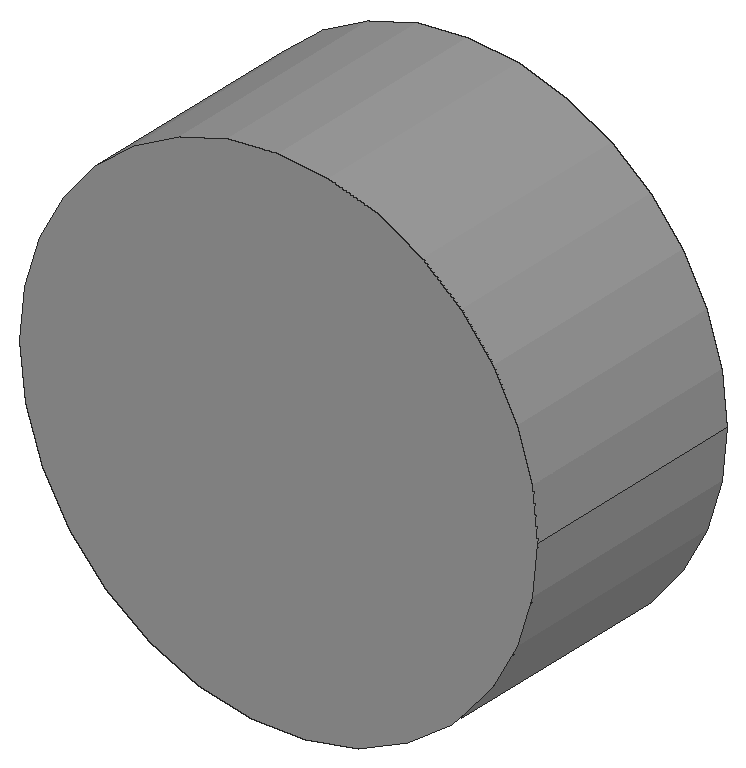
Revit family "Задание_Круглая_Стена_БезОсновы", category Окна, Revit 2019
Family settings
  На основе рабочей плоскости = Нет
  Всегда вертикально = Да
  При загрузке вырезать с полостями = Нет
  Общий = Да
  Точка расчета площади = Нет
Parameters (values of type "Отверстие с гильзой")
  Width = 0 mm  # constant formula
  ТолщинаОсновы [instance] = 100 mm
  Согласованно [instance] = not(Несогласованно)  # no
  Смещение дуги [instance] = Размер_Диаметр / 4  # 54.75 mm
  Размер_Диаметр [instance] = if(Гильза, Диаметр гильзы, Диаметр отверстия)  # 219 mm
  Rough Width = 0 mm  # constant formula
  Rough Height = 0 mm  # constant formula
  Позиция [instance] = "1"
  Отверстие_Толщина стенки [instance] = 12 mm
  Отверстие_Отметка этажа [instance] = 0 mm
  Отверстие_Отметка от этажа [instance] = 0 mm
  Отверстие_Отметка от нуля [instance] = Отверстие_Отметка этажа + Отверстие_Отметка от этажа  # 0 mm
  Отверстие_Дисциплина [instance] = ""
  Отверстие_Дата [instance] = ""
  Отверстие = not(Гильза)  # no
  Несогласованно [instance] = yes
  Материал стены [instance] = ""
  Группа модели = "Задание"  # constant formula
  Видимость_Вниз [instance] = 0 mm
  Видимость_Вверх [instance] = 0 mm
  Коллизии [instance] = ""
  Инструкция [instance] = "https://drive.google.com/open?id=1dWthfLxqsksj-u4klXlJBslAAIWb7P7Y"
  Диаметр отверстия [instance] = 100 mm
  Диаметр гильзы [instance] = 219 mm
  Гильза = yes
  Height = 0 mm  # constant formula
  Аналитическая конструкция = "<Нет>"
  Y [instance] = 0
  X [instance] = 0
Types (2, lengths in mm): name | Согласованно | Смещение дуги | Размер_Диаметр | Отверстие_Толщина стенки | Отверстие | Несогласованно | Диаметр гильзы | Гильза
  Круглое отверстие | yes | 25 | 100 | 4 | yes | no | 100 | no
  Отверстие с гильзой | no | 54.75 | 219 | 12 | no | yes | 219 | yes
Reference planes
  plane 1 "По центру (Вперед/Назад)": y = 0
  plane 2: z = 0
  plane 3 "По центру (Влево/Вправо)": x = 0
  plane 4 "Y верх": y = 100
  plane 5 "Н низ": y = 0
  plane 6: z = 109.5
  plane 7 "Линия ВЕРХ": z = 109.5
  plane 8 "Линия НИЗ": z = -109.5
  plane 9: z = -109.5
  plane 10 "Центр отверстия": through (-6.856, -1524, -6.856) normal (-0.7071, 0, 0.7071)
  plane 11 "Смещение вн. дуги от центра": through (31.858, -1524, -45.57) normal (-0.7071, 0, 0.7071)
  plane 12 "ОП СимЛин ЛВ": x = -109.5
  plane 13 "ОП СимЛин ПР": x = 109.5
  plane 14: x = -10
  plane 15: x = 10
  plane 16: z = -10
  plane 17: z = 10
  plane 18: z = -20
  plane 19: z = 20
  plane 20: x = 20
  plane 21: x = -20
  plane 22: z = -114.5
  plane 23: z = 114.5
  plane 24: x = -114.5
  plane 25: x = 114.5
Forms (mm)
  Extrusion 1, solid, material "По умолчанию"
    sketch origin (0, 0, 0) x (1, 0, 0) y (0, 0, 1)
      loop
        circle (0, 0) r 109.5
    from -100 to 0
Lines and regions (mm)
  symbolic lines
    curve 1: line (109.5, 100, 0) -> (-109.5, 0, 0)
    curve 3: line (-109.5, 100, 0) -> (109.5, 100, 0)
    curve 4: line (-109.5, 0, 0) -> (-109.5, 100, 0)
    curve 5: line (109.5, 0, 0) -> (-109.5, 0, 0)
    curve 6: line (109.5, 100, 0) -> (109.5, 0, 0)
    curve 7: line (0, 100, 109.5) -> (0, 0, 109.5)
    curve 8: line (0, 100, -109.5) -> (0, 100, 109.5)
    curve 9: line (0, 0, -109.5) -> (0, 100, -109.5)
    curve 10: line (0, 0, 109.5) -> (0, 0, -109.5)
    curve 11: circle (0, 0, 0) r 109.5 normal (0, -1, 0)
    curve 12: line (-109.5, 0, 0) -> (109.5, 0, 0)
  model lines, style "InvisibleLines"
    curve 2: line (0, 0, -109.5) -> (0, 0, 109.5)
    curve 14: line (-27.399, 77.5, 0) -> (-19.899, 90, 0)
    curve 15: line (-34.899, 90, 0) -> (-27.399, 77.5, 0)
    curve 16: line (-12.399, 90, 0) -> (-12.399, 65, 0)
    curve 17: line (-12.399, 90, 0) -> (-10, 83.408, 0)
    curve 18: line (-12.399, 90, 0) -> (-14.799, 83.408, 0)
    curve 19: line (-12.399, 65, 0) -> (-10, 71.592, 0)
    curve 20: line (-12.399, 65, 0) -> (-14.799, 71.592, 0)
    curve 21: line (-27.399, 77.5, 0) -> (-27.399, 65, 0)
    curve 36: line (46.099, 36.771, 0) -> (24.886, 15.558, 0)
    curve 37: line (35.492, 26.164, 0) -> (46.099, 15.558, 0)
    curve 38: line (35.492, 26.164, 0) -> (24.886, 36.771, 0)
    curve 39: line (48.064, 7.581, 0) -> (23.064, 7.581, 0)
    curve 40: line (48.064, 7.581, 0) -> (41.471, 5.181, 0)
    curve 41: line (48.064, 7.581, 0) -> (41.471, 9.98, 0)
    curve 42: line (23.064, 7.581, 0) -> (29.656, 5.181, 0)
    curve 43: line (23.064, 7.581, 0) -> (29.656, 9.98, 0)
  symbolic lines, visible <- "Отверстие"
    curve 13: arc (77.428, 0, 77.428) -> (-47.853, 0, 47.853) -> (-77.428, 0, -77.428) r 122.425
  model lines, style "InvisibleLines", not visible
    curve 22: line (317.866, -74.537, 0) -> (325.366, -62.037, 0)
    curve 23: line (310.366, -62.037, 0) -> (317.866, -74.537, 0)
    curve 24: line (332.866, -62.037, 0) -> (332.866, -87.037, 0)
    curve 25: line (332.866, -62.037, 0) -> (335.266, -68.63, 0)
    curve 26: line (332.866, -62.037, 0) -> (330.467, -68.63, 0)
    curve 27: line (332.866, -87.037, 0) -> (335.266, -80.445, 0)
    curve 28: line (332.866, -87.037, 0) -> (330.467, -80.445, 0)
    curve 29: line (317.866, -74.537, 0) -> (317.866, -87.037, 0)
    curve 44: line (391.364, -115.267, 0) -> (370.151, -136.48, 0)
    curve 45: line (380.758, -125.873, 0) -> (391.364, -136.48, 0)
    curve 46: line (380.758, -125.873, 0) -> (370.151, -115.267, 0)
    curve 47: line (393.33, -144.456, 0) -> (368.33, -144.456, 0)
    curve 48: line (393.33, -144.456, 0) -> (386.737, -146.856, 0)
    curve 49: line (393.33, -144.456, 0) -> (386.737, -142.057, 0)
    curve 50: line (368.33, -144.456, 0) -> (374.922, -146.856, 0)
    curve 51: line (368.33, -144.456, 0) -> (374.922, -142.057, 0)
  symbolic lines, visible <- "Гильза"
    curve 30: line (0, 0, 10) -> (0, 0, -10)
    curve 31: line (-10, 0, 0) -> (10, 0, 0)
    curve 32: line (0, 0, -20) -> (0, 0, -114.5)
    curve 33: line (-20, 0, 0) -> (-114.5, 0, 0)
    curve 34: line (0, 0, 20) -> (0, 0, 114.5)
    curve 35: line (20, 0, 0) -> (114.5, 0, 0)
Dimensions and locks
  "ТолщинаОсновы": plane 5 "Н низ" to plane 4 "Y верх"
  equal spacing: plane 6, level, plane 9
  "Размер_Диаметр": plane 6 to plane 9
  "Видимость_Вниз": plane 9 to plane 8 "Линия НИЗ"
  "Видимость_Вверх": plane 7 "Линия ВЕРХ" to plane 6
  "Смещение дуги": plane 10 "Центр отверстия" to plane 11 "Смещение вн. дуги от центра"
  "Размер_Диаметр": plane 12 "ОП СимЛин ЛВ" to plane 13 "ОП СимЛин ПР"
  equal spacing: plane 12 "ОП СимЛин ЛВ", plane 3 "По центру (Влево/Вправо)", plane 13 "ОП СимЛин ПР"
  locked: plane 4 "Y верх" to curve 15 at 10
  locked: plane 24 to plane 12 "ОП СимЛин ЛВ" at 5
  locked: plane 13 "ОП СимЛин ПР" to plane 25 at 5
  locked: plane 23 to plane 7 "Линия ВЕРХ" at 5
  locked: plane 9 to plane 22 at 5
  locked: plane 17 to plane 16 at 20
  locked: plane 16 to plane 18 at 10
  locked: plane 19 to plane 17 at 10
  locked: plane 21 to plane 14 at 10
  locked: plane 14 to plane 15 at 20
  locked: plane 15 to plane 20 at 10
  "Размер_Диаметр": diameter of Extrusion 1 sketch curve
  "Размер_Диаметр": diameter of curve 11
  aligned and locked: level to plane 2
  aligned and locked: curve 2 to plane 3 "По центру (Влево/Вправо)"
  aligned and locked: curve 3 to plane 4 "Y верх"
  aligned and locked: curve 5 to plane 5 "Н низ"
  aligned and locked: curve 2 to plane 7 "Линия ВЕРХ"
  aligned and locked: Extrusion 1 to plane 4 "Y верх"
  aligned and locked: plane 5 "Н низ" to Extrusion 1
  aligned and locked: plane 8 "Линия НИЗ" to curve 2
  aligned and locked: curve 7 to plane 6
  aligned and locked: plane 9 to curve 9
  aligned and locked: curve 8 to plane 4 "Y верх"
  aligned and locked: curve 10 to plane 5 "Н низ"
  aligned and locked: plane 3 "По центру (Влево/Вправо)" to curve 11
  aligned and locked: level to curve 11
  aligned and locked: plane 11 "Смещение вн. дуги от центра" to curve 13
  aligned and locked: curve 4 to plane 12 "ОП СимЛин ЛВ"
  aligned and locked: plane 13 "ОП СимЛин ПР" to curve 6
  aligned and locked: plane 3 "По центру (Влево/Вправо)" to curve 34
  aligned and locked: curve 30 to plane 3 "По центру (Влево/Вправо)"
  aligned and locked: curve 32 to plane 3 "По центру (Влево/Вправо)"
  aligned and locked: level to curve 33
  aligned and locked: curve 31 to level
  aligned and locked: curve 35 to level
  aligned and locked: plane 1 "По центру (Вперед/Назад)" to plane 5 "Н низ"
  aligned and locked: nested 1 to curve 3
Automatic sketch dimensions
  Extrusion 1 sketch curve to level = 0 mm
  Extrusion 1 sketch curve to plane 3 "По центру (Влево/Вправо)" = 0 mm
  plane 10 "Центр отверстия" to curve 13 = 0 mm  (x2)
  curve 30 to plane 17 = 0 mm
  curve 30 to plane 16 = 0 mm
  plane 14 to curve 31 = 0 mm
  plane 15 to curve 31 = 0 mm
  curve 32 to plane 18 = 0 mm
  curve 32 to plane 22 = 0 mm
  plane 24 to curve 33 = 0 mm
  plane 21 to curve 33 = 0 mm
  curve 34 to plane 19 = 0 mm
  curve 34 to plane 23 = 0 mm
  plane 20 to curve 35 = 0 mm
  plane 25 to curve 35 = 0 mm
  curve 14 to curve 16 = 15 mm
  curve 16 to curve 42 = 35.463 mm
  curve 42 to curve 40 = 25 mm
  curve 39 to curve 16 = 57.419 mm
  curve 16 to curve 15 = 12.5 mm
  curve 14 to curve 16 = 12.5 mm
  curve 15 to curve 14 = 7.5 mm
  curve 14 to curve 16 = 7.5 mm
  curve 18 to curve 16 = 2.399 mm
  curve 20 to curve 16 = 2.399 mm
  curve 18 to curve 17 = 4.799 mm
  curve 20 to curve 19 = 4.799 mm
  curve 39 to curve 38 = 1.822 mm
  curve 39 to curve 36 = 1.822 mm
  curve 42 to curve 42 = 6.592 mm
  curve 43 to curve 42 = 0 mm
  curve 36 to curve 37 = 10.607 mm
  curve 38 to curve 37 = 0 mm
  curve 40 to curve 39 = 6.592 mm
  curve 41 to curve 40 = 0 mm
  curve 38 to curve 36 = 10.607 mm
  curve 41 to curve 37 = 4.627 mm
  curve 40 to curve 39 = 2.399 mm
  curve 42 to curve 42 = 2.399 mm
  curve 40 to curve 41 = 4.799 mm
  curve 42 to curve 43 = 4.799 mm
  curve 41 to curve 37 = 5.577 mm
  curve 43 to curve 36 = 5.577 mm
  curve 21 to curve 14 = 12.5 mm
  curve 16 to curve 19 = 6.592 mm
  curve 20 to curve 19 = 0 mm
  curve 18 to curve 16 = 6.592 mm
  curve 18 to curve 17 = 0 mm
  curve 14 to curve 15 = 12.5 mm
  curve 14 to curve 16 = 0 mm
  curve 22 to curve 24 = 15 mm
  curve 24 to curve 50 = 35.463 mm
  curve 50 to curve 48 = 25 mm
  curve 47 to curve 24 = 57.419 mm
  curve 24 to curve 23 = 12.5 mm
  curve 22 to curve 24 = 12.5 mm
  curve 23 to curve 22 = 7.5 mm
  curve 22 to curve 24 = 7.5 mm
  curve 26 to curve 24 = 2.399 mm
  curve 28 to curve 24 = 2.399 mm
  curve 26 to curve 25 = 4.799 mm
  curve 28 to curve 27 = 4.799 mm
  curve 47 to curve 46 = 1.822 mm
  curve 47 to curve 44 = 1.822 mm
  curve 50 to curve 50 = 6.592 mm
  curve 51 to curve 50 = 0 mm
  curve 44 to curve 45 = 10.607 mm
  curve 46 to curve 45 = 0 mm
  curve 48 to curve 47 = 6.592 mm
  curve 49 to curve 48 = 0 mm
  curve 46 to curve 44 = 10.607 mm
  curve 49 to curve 45 = 4.627 mm
  curve 48 to curve 47 = 2.399 mm
  curve 50 to curve 50 = 2.399 mm
  curve 48 to curve 49 = 4.799 mm
  curve 50 to curve 51 = 4.799 mm
  curve 49 to curve 45 = 5.577 mm
  curve 51 to curve 44 = 5.577 mm
  curve 29 to curve 22 = 12.5 mm
  curve 24 to curve 27 = 6.592 mm
  curve 28 to curve 27 = 0 mm
  curve 26 to curve 24 = 6.592 mm
  curve 26 to curve 25 = 0 mm
  curve 22 to curve 23 = 12.5 mm
  curve 22 to curve 24 = 0 mm
Nested families
  nested 1: "Заполнение (план)" at (0, -100, 0), Красный <- "Несогласованно", Masking length <- "Размер_Диаметр", Masking depth <- "ТолщинаОсновы", type "Красный"
    with Черный no, Красный yes, Masking length 219 mm, Masking depth 100 mm
Definition of nested family "Заполнение (план)"
  Parameters (values of type "Красный")
    Черный [instance] = not(Красный)  # no
    Красный [instance] = yes
    Assembly Code = ""
    Masking length [instance] = 400 mm
    Masking depth [instance] = 250 mm
  Types (3, lengths in mm): name | Черный | Красный | Masking depth
    Красный | no | yes | 250
    Чёрный | yes | no | 300
    Стандарт | yes | no | 300
  Reference planes
    plane 1 "Break Line": y = 25
    plane 2: z = 0
    plane 3: x = -200
    plane 4: x = 200
    plane 5: y = 275
    plane 6: x = 0
    plane 7: y = 150
  Lines and regions (mm)
    Filled region 1, type "Черный", in view "Ground floor", visible <- "Черный"
      outline origin (0, 0, 0) x (1, 0, 0) y (0, 1, 0)
        loop
          line (-200, 25) -> (200, 25) -> (200, 275) -> (-200, 275) -> (-200, 25)
    Filled region 2, type "Красный", in view "Ground floor", visible <- "Красный"
      outline origin (0, 0, 0) x (1, 0, 0) y (0, 1, 0)
        loop
          line (-200, 25) -> (200, 25) -> (200, 275) -> (-200, 275) -> (-200, 25)
    detail lines, in view "Ground floor"
      curve 1: line (-200, 275, 0) -> (200, 25, 0)
      curve 2: line (-200, 25, 0) -> (200, 275, 0)
  Dimensions and locks
    "Masking depth": plane 1 "Break Line" to plane 5
    "Masking length": plane 3 to plane 4
    equal spacing: plane 3, plane 6, plane 4
    equal spacing: plane 1 "Break Line", plane 7, plane 5
    aligned and locked: plane 3 to Filled region 1
    aligned and locked: plane 5 to Filled region 1 sketch curve
    aligned and locked: plane 1 "Break Line" to Filled region 1 sketch curve
    aligned and locked: plane 4 to Filled region 1 sketch curve
    aligned and locked: Filled region 1 sketch curve to plane 3
    aligned and locked: plane 5 to curve 1
    aligned and locked: plane 4 to curve 1
    aligned and locked: plane 3 to curve 2
    aligned and locked: plane 5 to curve 2
    aligned and locked: Filled region 2 to plane 4
    aligned and locked: Filled region 2 to plane 5
    aligned and locked: plane 3 to Filled region 2
    aligned and locked: plane 1 "Break Line" to Filled region 2
    aligned and locked: Filled region 2 sketch curve to plane 3
    aligned and locked: plane 4 to Filled region 2 sketch curve
    aligned and locked: plane 5 to Filled region 2 sketch curve
    aligned and locked: plane 1 "Break Line" to Filled region 2 sketch curve
  Automatic sketch dimensions
    curve 1 to plane 3 = 0 mm
    curve 2 to plane 4 = 0 mm
    plane 1 "Break Line" to curve 1 = 0 mm
    plane 1 "Break Line" to curve 2 = 0 mm
